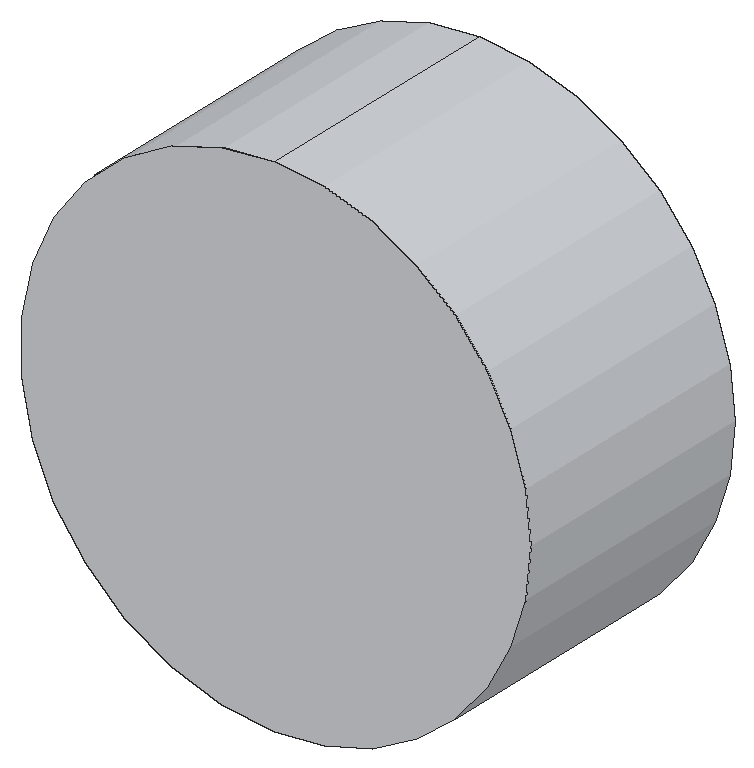
Revit family "E106.05_L5", category Plumbing Fixtures, Revit 2023
Family settings
  Round Connector Dimension = Use Diameter
  Part Type = Normal
  OmniClass Number = 23.45.55.17
  OmniClass Title = Mixing Faucets
  Work Plane-Based = No
  Enable Cutting in Views = Yes
  Always vertical = Yes
  Cut with Voids When Loaded = No
  Maintain Annotation Orientation = No
  Shared = No
  Room Calculation Point = No
Parameters (values of type "Standard")
  Waste Connection = no
  Vent Connection = no
  URL = "www.fvandina.com"
  Title = "Juego Mezclador Monocomando para Ducha y Tina IGUAZÚ"
  Teléfono de contacto = "FV Responde 1800 38 38 38"
  Presión = "60 PSI"
  Part Number = "E106.05/L5"
  Model = "E106.05/L5"
  Material = "Latón"
  Manufacturer = "FV – ÁREA ANDINA S.A."
  Instalación = "https://fvandina.com/producto/1540-juego-mezclador-monocomando-para-ducha-y-tina-iguazu/"
  HW Connection = yes
  Garantía = "GARANTÍA TOTAL FV - DETALLES EN PÁGINA WEB"
  Dirección fabricante = "KM 25, VÍA SANGOLQUÍ AMAGUAÑA - PICHINCHA – ECUADOR"
  Description = "Juego Mezclador Monocomando para Ducha y Tina IGUAZÚ"
  Default Elevation = 0' - 0"
  Cota largo = "129 mm"
  Cota ancho = "125 mm"
  Cota alto = "350 mm"
  Consumo agua grifería = "N/A"
  Connector_1_Diameter = 0' - 0.825"
  Conexión hidrúalica = "½ x 14 NPT"
  Company = "FV - GRIFERÍA, SANITARIOS, COMPLEMENTOS"
  Certificación = "INEN"
  Catalog web link = "https://fvandina.com/producto/1540-juego-mezclador-monocomando-para-ducha-y-tina-iguazu/"
  CW Connection = yes
  Author = "José Jaguaco"
  Acabado = "Cromo"
Reference planes (in)
  plane 1 "Center (Front/Back)": y = 0
  plane 2: z = 0
  plane 3 "Center (Left/Right)": x = 0
Forms (in)
  Extrusion 1, solid
    sketch origin (-0.02122, 0, -7.86648) x (0, 0, -1) y (1, 0, 0)
      loop
        circle (0, 0) r 0.12
    from 0 to -0.12
Dimensions and locks (in)
  aligned and locked: plane 2 to level
Connectors (in)
  piping at (-0.02122, 0, -7.86648), diameter 0.825, driven by "Connector_1_Diameter"
    settings: on Extrusion 1, index 1, connector inside diameter 24", connector length 0' - 0", flow factor 0, pipe flow 0 GPM, pressure drop 0.00 psi, fitting loss kfactor 0, connector angle 0.00°, fixture units 0, engagement length 0' - 0", angle of deflection 0.00°, flow configuration 1, flow direction 1, fitting loss method 0, system type 16, joint type 0, gender type 0, connector reference index -1, connector utility 0, adjustable connector no, is connector primary yes, connector description ""
